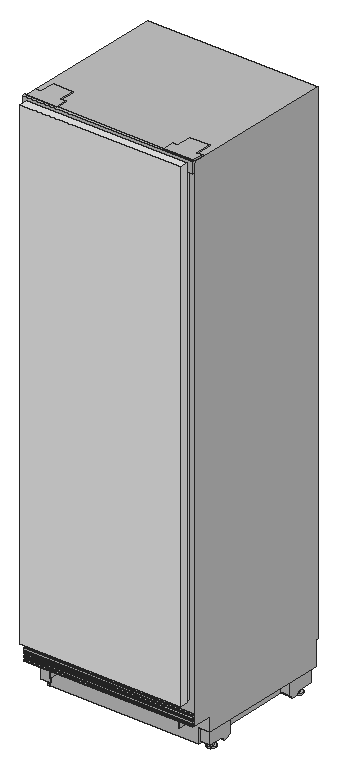
Revit family "FP-Revit18-en-RS6019S3RH1-Fridge-0-AA-BI-HK-SG-CN-EU-90002456A", category Specialty Equipment, Revit 2018
Family settings
  Round Connector Dimension = Use Diameter
  Part Type = Normal
  OmniClass Number = 23.40.40.11.11
  OmniClass Title = Refrigerators and Freezers
  Work Plane-Based = No
  Always vertical = Yes
  Cut with Voids When Loaded = Yes
  Shared = No
  Room Calculation Point = No
Parameters (values of type "RS6019S3RH1")
  Visibility - Toe Kick Panel [instance] = no
  Visibility - Clearance Required [instance] = yes
  URL = "www.fisherpaykel.com"
  Panel - Width [instance] = 592 mm
  Panel - Thickness [instance] = 19 mm
  Panel - FFL to Bottom of Bottom Panel (15mm - 150mm) [instance] = 102 mm
  Toe Kick - Recess [instance] = 63 mm
  Stainless Steel Door Panels (RD6019R) [instance] = no
  Product - Width = 592 mm  # constant formula
  Product - Height [instance] = ([Cavity - Height (1870mm - 1890mm)])  # 1880 mm
  Product - Depth (exl front panel) = 579 mm  # constant formula
  Model = "RS6019S3RH1"
  Material - Door Structure = Fisher & Paykel - White
  Material - Door Front [instance] = Fisher & Paykel - Stainless Steel
  Material - Body = Fisher & Paykel - Grey
  Manufacturer = "Fisher & Paykel Appliances"
  Handle Style - Professional Round Flush (AHP3RDS19) [instance] = no
  Handle Style - Contemporary Square Fine Black (AHD5RDS19B) [instance] = no
  Handle Style - Contemporary Square Fine (AHD5RDS19) [instance] = no
  Handle Style - Contemporary Round (AHSRDS19) [instance] = no
  Handle Style - Classic Round (AHCLRDSF) [instance] = no
  Description = "60cm Integrated Refrigerator"
  Connector Description - Water = "min 275 kPa (40 psi) max 827 kPa (120 psi)"
  Connector Description - Electrical = "230 V, 50 Hz, 10 A circuit"
  Cavity - Width = 600 mm  # constant formula
  Cavity - Height (1870mm - 1890mm) [instance] = 1880 mm
  Panel - FFL to Top of Top Panel (1867mm min) [instance] = 1877 mm
  Cavity - Depth (600mm min with services external) = 600 mm
Types (3, lengths in mm): name | Model
  (no name) | "RS6019S3RH1"
  RS6019S2R1 | "RS6019S2R1"
  RS6019S3RH1 | "RS6019S3RH1"
Reference planes
  plane 1 "Datum": y = 0
  plane 2: z = 0
  plane 3 "Center (Left/Right)": x = 0
  plane 4 "Product LHS": x = -296
  plane 5 "Product RHS": x = 296
  plane 6 "Product - Depth": y = 579
  plane 7: x = -300
  plane 8: x = 300
  plane 9 "Cavity - Depth": y = 581
  plane 10 "Product Height": z = 1880
  plane 11 "Cavity Height": z = 1880
  plane 12 "Panel Thickness": y = -19
  plane 13 "Base": z = 14.497
Forms (mm)
  Extrusion 1, solid, material "Fisher & Paykel - Grey" <- "Material - Body"
    sketch origin (0, 0, 0) x (0, 1, 0) y (0, 0, 1)
      loop
        line (108, 62.997) -> (571.5, 62.997) -> (571.5, 149.997) -> (579, 149.997) -> (579, 1875.998) -> (42.5, 1875.998) -> (42.5, 110.697) -> (108, 110.697) -> (108, 62.997)
    from -296 to 296
  Extrusion 2, solid, material "Fisher & Paykel - Grey" <- "Material - Body"
    sketch origin (0, 0, 0) x (1, 0, 0) y (0, 0, 1)
      loop
        circle (87.23, 31.993) r 5
      loop
        circle (-241.922, 42) r 6
    from -579 to -571.5
  Extrusion 3, solid, material "Fisher & Paykel - Stainless Steel" <- "Material - Door Front", visible <- "Stainless Steel Door Panels (RD6019R)"
    sketch origin (0, 0, 21.503) x (0, 1, 0) y (0, 0, 1)
      loop
        line (-19, 1855.497) -> (-19, 80.497) -> (0, 80.497) -> (0, 1855.497) -> (-19, 1855.497)
    from -296 to 296
  Extrusion 4, solid, material "Fisher & Paykel - Clearance Required", visible <- "Visibility - Clearance Required", detail levels coarse
    sketch origin (0, 0, 0) x (1, 0, 0) y (0, 1, 0)
      loop
        line (-300, 581) -> (-300, 0) -> (300, 0) -> (300, 581) -> (-300, 581)
    from 0 to 1880
  Extrusion 5, solid, material "Fisher & Paykel - White" <- "Material - Door Structure"
    sketch origin (0, 0, 0) x (1, 0, 0) y (0, 1, 0)
      loop
        line (-280, 28.4) -> (-280, 0) -> (280, 0) -> (280, 28.4) -> (-280, 28.4)
    from 183.947 to 1872.747
  Extrusion 6, solid, material "Fisher & Paykel - White" <- "Material - Door Structure"
    sketch origin (0, 0, 0) x (1, 0, 0) y (0, 1, 0)
      loop
        line (-274.25, 42.5) -> (-274.25, 28.4) -> (274.25, 28.4) -> (274.25, 42.5) -> (-274.25, 42.5)
    from 185.35 to 1838.148
  Extrusion 7, solid, material "Fisher & Paykel - Clearance Required", visible <- "Visibility - Clearance Required", detail levels coarse
    sketch origin (0, -8.858, 0) x (1, 0, 0) y (0, 1, 0)
      loop
        arc (-296, -10.142) -> (-23.116, -502.405) -> (539.267, -525.083) r 574.255
        line (539.267, -525.083) -> (299.146, -10.142) -> (-296, -10.142)
    from 0 to 1880
  Extrusion 8, solid, material "Fisher & Paykel - Grey" <- "Material - Body", detail levels fine
    sketch origin (0, 0, 0) x (0, 1, 0) y (0, 0, 1)
      loop
        line (35.5, 149.997) -> (35.5, 145.997) -> (42.5, 145.997) -> (42.5, 149.997) -> (35.5, 149.997)
      loop
        line (35.5, 138.233) -> (35.5, 134.233) -> (42.5, 134.233) -> (42.5, 138.233) -> (35.5, 138.233)
      loop
        line (35.5, 114.697) -> (35.5, 110.697) -> (42.5, 110.697) -> (42.5, 114.697) -> (35.5, 114.697)
      loop
        line (35.5, 126.467) -> (35.5, 122.467) -> (42.5, 122.467) -> (42.5, 126.467) -> (35.5, 126.467)
      loop
        line (33.5, 1880) -> (33.5, 1842.094) -> (42.5, 1842.094) -> (42.5, 1880) -> (33.5, 1880)
    from -296 to 296
  Extrusion 9, solid, material "Fisher & Paykel - Grey" <- "Material - Body"
    sketch origin (0, 0, 0) x (0, 1, 0) y (0, 0, 1)
      loop
        line (108, 62.997) -> (108, 14.497) -> (571.5, 14.497) -> (571.5, 62.997) -> (108, 62.997)
    from -259 to 259
  Extrusion 10, solid, material "Fisher & Paykel - Grey" <- "Material - Body"
    sketch origin (0, 0, 0) x (0, 1, 0) y (0, 0, 1)
      loop
        line (199.5, 62.997) -> (109.5, 62.997) -> (109.5, 21.997) -> (161.836, 21.997)
        arc (161.836, 21.997) -> (180.668, 9.967) -> (199.5, 21.997) r 20.754
        line (199.5, 21.997) -> (199.5, 62.997)
      loop
        line (460.586, 62.997) -> (460.586, 21.997)
        arc (460.586, 21.997) -> (479.418, 9.967) -> (498.25, 21.997) r 20.754
        line (498.25, 21.997) -> (550.586, 21.997) -> (550.586, 62.997) -> (460.586, 62.997)
    from 259 to 294
  Extrusion 11, solid, material "Fisher & Paykel - Grey" <- "Material - Body", detail levels fine
    sketch origin (0, 0, 0) x (1, 0, 0) y (0, 1, 0)
      loop
        line (-273, 136.5) -> (-273, 82.6) -> (-291, 82.6) -> (-291, 42.5) -> (-187, 42.5) -> (-187, 82.6) -> (-205, 82.6) -> (-205, 136.5) -> (-273, 136.5)
      loop
        line (273, 136.5) -> (205, 136.5) -> (205, 82.6) -> (187, 82.6) -> (187, 42.5) -> (291, 42.5) -> (291, 82.6) -> (273, 82.6) -> (273, 136.5)
    from 1875.998 to 1880
  Extrusion 12, solid, material "Fisher & Paykel - Stainless Steel" <- "Material - Door Front", visible <- "Visibility - Toe Kick Panel"
    sketch origin (0, 0, 0) x (0, 1, 0) y (0, 0, 1)
      loop
        line (44, 110) -> (44, 0) -> (63, 0) -> (63, 110) -> (44, 110)
    from -296 to 296
  Extrusion 13, solid, material "Fisher & Paykel - Grey" <- "Material - Body", detail levels fine
    sketch origin (0, 0, 0) x (1, 0, 0) y (0, 1, 0)
      loop
        circle (276.5, 140.6) r 15
      loop
        circle (276.5, 519.6) r 15
      loop
        circle (-276.5, 140.6) r 15
      loop
        circle (-276.5, 519.6) r 15
    from 0 to 3
  Extrusion 14, solid, material "Fisher & Paykel - Grey" <- "Material - Body", detail levels fine
    sketch origin (0, 0, 0) x (1, 0, 0) y (0, 1, 0)
      loop
        circle (276.5, 140.6) r 5
      loop
        circle (276.5, 519.6) r 5
      loop
        circle (-276.5, 140.6) r 5
      loop
        circle (-276.5, 519.6) r 5
    from 3 to 21.997
  Extrusion 15, solid, material "Fisher & Paykel - Grey" <- "Material - Body", detail levels fine
    sketch origin (0, 0, 0) x (0, 1, 0) y (0, 0, 1)
      loop
        line (63.1, 70.7) -> (108, 70.7) -> (108, 110.697) -> (63.1, 110.697) -> (63.1, 70.7)
    from 224 to 226
  Extrusion 16, solid, material "Fisher & Paykel - Grey" <- "Material - Body", detail levels fine
    sketch origin (0, 0, 0) x (0, 1, 0) y (0, 0, -1)
      loop
        line (63.1, -70.7) -> (63.1, -110.697) -> (108, -110.697) -> (108, -70.7) -> (63.1, -70.7)
    from 224 to 226
  Extrusion 17, solid, material "Fisher & Paykel - Grey" <- "Material - Body"
    sketch origin (0, 0, 0) x (0, 1, 0) y (0, 0, -1)
      loop
        line (199.5, -62.997) -> (199.5, -21.997)
        arc (199.5, -21.997) -> (180.668, -9.967) -> (161.836, -21.997) r 20.754
        line (161.836, -21.997) -> (109.5, -21.997) -> (109.5, -62.997) -> (199.5, -62.997)
      loop
        line (460.586, -62.997) -> (550.586, -62.997) -> (550.586, -21.997) -> (498.25, -21.997)
        arc (498.25, -21.997) -> (479.418, -9.967) -> (460.586, -21.997) r 20.754
        line (460.586, -21.997) -> (460.586, -62.997)
    from 259 to 294
  Extrusion 18, void
    sketch origin (0, 0, 0) x (1, 0, 0) y (0, 1, 0)
      loop
        line (-300, 581) -> (-300, -19) -> (300, -19) -> (300, 581) -> (-300, 581)
    from 0 to 1880
Cuts and joins
  joined: Extrusion 1, Extrusion 9, Extrusion 10
Text (mm)
  text "Due to ongoing product development, product details are subject to change without notice. \nPlease always refer to www.fisherpaykel.com for the most current product information. \n© Fisher & Paykel 2020" at (41.04, -678.295, 0), in view "Ref. Level (Plan)"
Dimensions and locks
  equal spacing: plane 4 "Product LHS", plane 3 "Center (Left/Right)", plane 5 "Product RHS"
  "Product - Width": plane 4 "Product LHS" to plane 5 "Product RHS"
  "Product - Depth (exl front panel)": plane 1 "Datum" to plane 6 "Product - Depth"
  equal spacing: plane 7, plane 3 "Center (Left/Right)", plane 8
  "Cavity - Width": plane 7 to plane 8
  Extrusion 2 sketch curve to plane 5 "Product RHS" = 208.77 mm
  plane 4 "Product LHS" to Extrusion 2 sketch curve = 54.078 mm
  "Cavity - Height (1870mm - 1890mm)": plane 11 "Cavity Height" to level
  locked: cut or joined group of Extrusion 1, Extrusion 9, Extrusion 10 to plane 10 "Product Height" at 4.002
  "Panel - Thickness": Extrusion 12 to Extrusion 12
  "Toe Kick - Recess": plane 1 "Datum" to Extrusion 12
  "Panel - Thickness": plane 12 "Panel Thickness" to plane 1 "Datum"
  plane 13 "Base" to level = 14.497 mm
  locked: plane 10 "Product Height" to plane 13 "Base" at 1865.503
  locked: plane 10 "Product Height" to plane 11 "Cavity Height" at 0
  locked: cut or joined group of Extrusion 1, Extrusion 9, Extrusion 10 to plane 13 "Base" at 96.2
  locked: cut or joined group of Extrusion 1, Extrusion 9, Extrusion 10 to plane 13 "Base" at 7.5
  locked: Extrusion 5 to plane 13 "Base" at 169.45
  locked: Extrusion 6 to plane 13 "Base" at 1823.65
  locked: Extrusion 5 to plane 13 "Base" at 1858.25
  locked: Extrusion 12 to cut or joined group of Extrusion 1, Extrusion 9, Extrusion 10 at 0.697
  locked: Extrusion 15 to plane 13 "Base" at 56.203
  locked: plane 13 "Base" to Extrusion 6 at 170.853
  locked: Extrusion 8 to plane 13 "Base" at 1827.596
  "Panel - FFL to Top of Top Panel (1867mm min)": Extrusion 3 to level
  "Panel - FFL to Bottom of Bottom Panel (15mm - 150mm)": Extrusion 3 to level
  equal spacing: Extrusion 3, plane 3 "Center (Left/Right)", Extrusion 3
  "Panel - Width": Extrusion 3 to Extrusion 3
  locked: nested 1 to plane 13 "Base" at 1400.997
  "Cavity - Depth (600mm min with services external)": plane 12 "Panel Thickness" to plane 9 "Cavity - Depth"
  locked: nested 2 to plane 13 "Base" at 549
  locked: nested 1 to plane 13 "Base" at 548.997
  locked: nested 3 to plane 13 "Base" at 574.5
  nested 2 to plane 5 "Product RHS" = 530 mm
  plane 1 "Datum" to Extrusion 5 = 28.4 mm
  locked: nested 4 to plane 13 "Base" at 548.997
  locked: nested 5 to plane 13 "Base" at 564
  radius of Extrusion 2 sketch curve = 5 mm
  aligned and locked: level to plane 2
  aligned and locked: Extrusion 1 to plane 5 "Product RHS"
  aligned and locked: plane 4 "Product LHS" to Extrusion 1
  aligned and locked: Extrusion 11 to cut or joined group of Extrusion 1, Extrusion 9, Extrusion 10
  aligned and locked: Extrusion 2 to cut or joined group of Extrusion 1, Extrusion 9, Extrusion 10
  aligned and locked: Extrusion 4 to plane 11 "Cavity Height"
  aligned and locked: Extrusion 8 to plane 10 "Product Height"
  aligned and locked: Extrusion 11 to plane 10 "Product Height"
  aligned and locked: Extrusion 3 to Extrusion 7
  aligned and locked: Extrusion 9 to plane 13 "Base"
  aligned and locked: cut or joined group of Extrusion 1, Extrusion 9, Extrusion 10 to cut or joined group of Extrusion 1, Extrusion 9, Extrusion 10  (x4)
  aligned and locked: Extrusion 15 to cut or joined group of Extrusion 1, Extrusion 9, Extrusion 10
  aligned and locked: Extrusion 8 to cut or joined group of Extrusion 1, Extrusion 9, Extrusion 10
  aligned and locked: Extrusion 16 to Extrusion 8
  aligned and locked: Extrusion 16 to Extrusion 15
  aligned and locked: Extrusion 10 to Extrusion 1
  aligned and locked: Extrusion 14 to cut or joined group of Extrusion 1, Extrusion 9, Extrusion 10
  aligned and locked: Extrusion 7 to plane 11 "Cavity Height"
  aligned and locked: plane 12 "Panel Thickness" to nested 2
  aligned and locked: plane 12 "Panel Thickness" to nested 3
  aligned and locked: Extrusion 18 to plane 8
  aligned and locked: Extrusion 18 to plane 7
  aligned and locked: Extrusion 18 to level
  aligned and locked: Extrusion 18 to plane 11 "Cavity Height"
  aligned and locked: Extrusion 18 to plane 9 "Cavity - Depth"
  aligned and locked: plane 12 "Panel Thickness" to Extrusion 18
  aligned and locked: plane 12 "Panel Thickness" to nested 4
  aligned and locked: plane 12 "Panel Thickness" to nested 5
Automatic sketch dimensions
  Extrusion 1 sketch curve to plane 6 "Product - Depth" = 0 mm
  Extrusion 1 sketch curve to plane 6 "Product - Depth" = 7.5 mm
  plane 13 "Base" to Extrusion 1 sketch curve = 48.5 mm
  Extrusion 1 sketch curve to plane 1 "Datum" = 108 mm
  plane 10 "Product Height" to Extrusion 1 sketch curve = 4.002 mm
  Extrusion 1 sketch curve to plane 1 "Datum" = 42.5 mm
  Extrusion 1 sketch curve to Extrusion 1 sketch curve = 47.7 mm
  Extrusion 1 sketch curve to Extrusion 1 sketch curve = 87 mm
  plane 13 "Base" to Extrusion 2 sketch curve = 17.495 mm
  plane 13 "Base" to Extrusion 2 sketch curve = 27.503 mm
  Extrusion 3 sketch curve to plane 12 "Panel Thickness" = 0 mm
  Extrusion 3 sketch curve to plane 1 "Datum" = 0 mm
  plane 13 "Base" to Extrusion 3 sketch curve = 87.503 mm
  plane 10 "Product Height" to Extrusion 3 sketch curve = 3 mm
  plane 1 "Datum" to Extrusion 4 sketch curve = 0 mm
  Extrusion 4 sketch curve to plane 7 = 0 mm
  Extrusion 4 sketch curve to plane 8 = 0 mm
  Extrusion 4 sketch curve to plane 9 "Cavity - Depth" = 0 mm
  plane 1 "Datum" to Extrusion 5 sketch curve = 0 mm
  Extrusion 5 sketch curve to plane 4 "Product LHS" = 16 mm
  plane 5 "Product RHS" to Extrusion 5 sketch curve = 16 mm
  Extrusion 5 sketch curve to plane 1 "Datum" = 28.4 mm
  Extrusion 6 sketch curve to plane 4 "Product LHS" = 21.75 mm
  plane 5 "Product RHS" to Extrusion 6 sketch curve = 21.75 mm
  Extrusion 6 sketch curve to plane 1 "Datum" = 28.4 mm
  Extrusion 6 sketch curve to Extrusion 6 sketch curve = 14.1 mm
  Extrusion 7 sketch curve to plane 4 "Product LHS" = 0 mm
  plane 12 "Panel Thickness" to Extrusion 7 sketch curve = 0 mm
  plane 12 "Panel Thickness" to Extrusion 7 sketch curve = 3.437 mm
  plane 5 "Product RHS" to Extrusion 7 sketch curve = 17.755 mm
  plane 8 to Extrusion 7 sketch curve = 0.854 mm
  Extrusion 7 sketch curve to plane 8 = 239.267 mm
  plane 10 "Product Height" to Extrusion 8 sketch curve = 0 mm
  Extrusion 8 sketch curve to plane 1 "Datum" = 33.5 mm
  Extrusion 8 sketch curve to plane 1 "Datum" = 35.5 mm
  Extrusion 8 sketch curve to Extrusion 8 sketch curve = 0 mm  (x3)
  Extrusion 8 sketch curve to Extrusion 8 sketch curve = 7 mm  (x4)
  Extrusion 8 sketch curve to Extrusion 8 sketch curve = 9 mm
  Extrusion 8 sketch curve to Extrusion 8 sketch curve = 37.906 mm
  plane 13 "Base" to Extrusion 8 sketch curve = 135.5 mm
  Extrusion 8 sketch curve to Extrusion 8 sketch curve = 4 mm  (x4)
  Extrusion 8 sketch curve to Extrusion 8 sketch curve = 7.764 mm
  Extrusion 8 sketch curve to Extrusion 8 sketch curve = 7.767 mm
  Extrusion 8 sketch curve to Extrusion 8 sketch curve = 7.769 mm
  Extrusion 9 sketch curve to plane 13 "Base" = 0 mm
  Extrusion 9 sketch curve to plane 1 "Datum" = 108 mm
  Extrusion 9 sketch curve to plane 6 "Product - Depth" = 7.5 mm
  Extrusion 9 sketch curve to Extrusion 9 sketch curve = 48.5 mm
  plane 13 "Base" to Extrusion 10 sketch curve = 48.5 mm
  Extrusion 10 sketch curve to plane 1 "Datum" = 109.5 mm
  plane 13 "Base" to Extrusion 10 sketch curve = 7.5 mm  (x2)
  Extrusion 10 sketch curve to Extrusion 10 sketch curve = 52.336 mm
  Extrusion 10 sketch curve to Extrusion 10 sketch curve = 18.832 mm  (x4)
  Extrusion 10 sketch curve to plane 6 "Product - Depth" = 118.414 mm
  Extrusion 10 sketch curve to plane 6 "Product - Depth" = 28.414 mm
  plane 13 "Base" to Extrusion 10 sketch curve = 16.224 mm  (x2)
  Extrusion 10 sketch curve to Extrusion 10 sketch curve = 41 mm
  Extrusion 11 sketch curve to plane 4 "Product LHS" = 5 mm
  Extrusion 11 sketch curve to Extrusion 11 sketch curve = 18 mm  (x3)
  Extrusion 11 sketch curve to Extrusion 11 sketch curve = 68 mm
  plane 5 "Product RHS" to Extrusion 11 sketch curve = 109 mm
  plane 5 "Product RHS" to Extrusion 11 sketch curve = 23 mm
  plane 5 "Product RHS" to Extrusion 11 sketch curve = 5 mm
  Extrusion 11 sketch curve to plane 1 "Datum" = 42.5 mm  (x2)
  Extrusion 11 sketch curve to Extrusion 11 sketch curve = 40.1 mm  (x4)
  Extrusion 11 sketch curve to Extrusion 11 sketch curve = 53.9 mm  (x2)
  Extrusion 12 sketch curve to level = 0 mm
  Extrusion 12 sketch curve to plane 1 "Datum" = 44 mm
  Extrusion 12 sketch curve to Extrusion 12 sketch curve = 19 mm
  plane 13 "Base" to Extrusion 12 sketch curve = 95.503 mm
  Extrusion 13 sketch curve to plane 4 "Product LHS" = 19.5 mm  (x2)
  plane 5 "Product RHS" to Extrusion 13 sketch curve = 19.5 mm  (x2)
  Extrusion 13 sketch curve to plane 1 "Datum" = 140.6 mm  (x2)
  Extrusion 13 sketch curve to plane 6 "Product - Depth" = 59.4 mm  (x2)
  Extrusion 14 sketch curve to plane 4 "Product LHS" = 19.5 mm  (x2)
  plane 5 "Product RHS" to Extrusion 14 sketch curve = 19.5 mm  (x2)
  Extrusion 14 sketch curve to plane 1 "Datum" = 140.6 mm  (x2)
  Extrusion 14 sketch curve to plane 6 "Product - Depth" = 59.4 mm  (x2)
  Extrusion 15 sketch curve to plane 1 "Datum" = 63.1 mm
  Extrusion 15 sketch curve to Extrusion 15 sketch curve = 44.9 mm
  plane 13 "Base" to Extrusion 15 sketch curve = 56.203 mm
  Extrusion 15 sketch curve to Extrusion 15 sketch curve = 39.997 mm
  Extrusion 16 sketch curve to plane 1 "Datum" = 63.1 mm
  Extrusion 16 sketch curve to Extrusion 16 sketch curve = 44.9 mm
  plane 13 "Base" to Extrusion 16 sketch curve = 96.2 mm
  Extrusion 16 sketch curve to Extrusion 16 sketch curve = 39.997 mm
  plane 13 "Base" to Extrusion 17 sketch curve = 48.5 mm
  Extrusion 17 sketch curve to plane 1 "Datum" = 109.5 mm
  plane 13 "Base" to Extrusion 17 sketch curve = 7.5 mm  (x2)
  Extrusion 17 sketch curve to Extrusion 17 sketch curve = 52.336 mm
  Extrusion 17 sketch curve to Extrusion 17 sketch curve = 18.832 mm  (x4)
  Extrusion 17 sketch curve to plane 6 "Product - Depth" = 118.414 mm
  Extrusion 17 sketch curve to plane 6 "Product - Depth" = 28.414 mm
  Extrusion 17 sketch curve to Extrusion 17 sketch curve = 41 mm
  plane 13 "Base" to Extrusion 17 sketch curve = 16.224 mm  (x2)
  plane 1 "Datum" to Extrusion 18 sketch curve = 19 mm
  Extrusion 18 sketch curve to plane 7 = 0 mm
  Extrusion 18 sketch curve to plane 8 = 0 mm
  plane 9 "Cavity - Depth" to Extrusion 18 sketch curve = 0 mm
  radius of Extrusion 2 sketch curve = 6 mm
  radius of Extrusion 13 sketch curve = 15 mm  (x4)
  radius of Extrusion 14 sketch curve = 5 mm  (x4)
Nested families
  nested 1: "F&P Handle Kit - Contemporary Square Fine - Vertical" at (-234, -19, 989.495), visible <- "Handle Style - Contemporary Square Fine (AHD5RDS19)", type "AHD5RDS19 - Contemporary square fine handle 852mm"
  nested 2: "F&P Handle Kit - Contemporary Square Fine - Vertical" at (-234, -19, 989.497), visible <- "Handle Style - Contemporary Square Fine Black (AHD5RDS19B)", type "AHD5RDS19B - Contemporary square fine black handle 852mm"
  nested 3: "F&P Handle Kit - Professional Round Flush - Vertical" at (-234, -19, 989.497), visible <- "Handle Style - Professional Round Flush (AHP3RDS19)", type "AHP3RDS19 - Professional round flush handle 801mm"
  nested 4: "F&P Handle Kit - Contemporary Round - Vertical" at (-234, -19, 989.495), visible <- "Handle Style - Contemporary Round (AHSRDS19)", type "26237 AHSRDS19 - Contemporary round handle (vertical) 852mm"
  nested 5: "F&P Handle Kit - Classic Round - Vertical" at (-234, -19, 989.497), visible <- "Handle Style - Classic Round (AHCLRDSF)", type "26592 AHCLRDSF AA - Classic round handle (Vertical) 822mm"
Connectors
  electrical at (87.23, 579, 31.993), driven by "Connector Description - Electrical"
    settings: on Extrusion 2, index 1, voltage 230 V, apparent load 0 VA, apparent load phase1 0 VA, apparent load phase2 0 VA, apparent load phase3 0 VA, power factor 1, load classification "Other", number of poles 1, system type 30, power factor state 1, is connector primary yes, connector utility no, sub classification motor no, connector description "230 V, 50 Hz, 10 A circuit"
  piping at (-241.922, 579, 42), diameter 11, driven by "Connector Description - Water"
    settings: on Extrusion 2, index 2, connector inside diameter 609.6 mm, connector length 0 mm, flow factor 0, pipe flow 0.0 L/s, pressure drop 0.0 Pa, fitting loss kfactor 0, connector angle 0.00°, fixture units 0, engagement length 0 mm, angle of deflection 0.00°, flow configuration 0, flow direction 1, fitting loss method 0, system type 20, joint type 0, gender type 0, connector reference index -1, connector utility 0, adjustable connector no, is connector primary yes, connector description "min 275 kPa (40 psi) max 827 kPa (120 psi)"
Definition of nested family "F&P Handle Kit - Contemporary Square Fine - Vertical"
  Parameters (values of type "AHD5RDS19 - Contemporary square fine handle 852mm")
    URL = "www.fisherpaykel.com"
    Material - Handle = none
    Manufacturer = "Fisher & Paykel Appliances"
    Handle - Length = 852 mm
  Types (22, lengths in mm): name | Handle - Length
    AHD5RD2484W - Contemporary square fine handle (1 of 2) (Vertical) 727mm | 727
    AHD5RD2484WB - Contemporary square fine black handle (1 of 2) (Vertical) 727mm | 727
    AHD5RD3084W - Contemporary square fine handle (1 of 2) (Vertical) 727mm | 727
    AHD5RD3084WB - Contemporary square fine black handle (1 of 2) (Vertical) 727mm | 727
    AHD5RD6121W - Contemporary square fine handle (1 of 2) (Vertical) 727mm | 727
    AHD5RD6121WB - Contemporary square fine black handle (1 of 2) (Vertical) 727mm | 727
    AHD5RD7621W - Contemporary square fine handle (1 of 2) (Vertical) 727mm | 727
    AHD5RD7621WB - Contemporary square fine black handle (1 of 2) (Vertical) 727mm | 727
    AHD5RD36A - Contemporary square fine handle (1 of 2) (Vertical) 727mm | 727
    AHD5RD36AB - Contemporary square fine black handle (1 of 2) (Vertical) 727mm | 727
    AHD5RD80A - Contemporary square fine handle (1 of 2) (Vertical) 727mm | 727
    AHD5RD90A - Contemporary square fine handle (1 of 2) (Vertical) 727mm | 727
    AHD5RD80AB - Contemporary square fine black handle (1 of 2) (Vertical) 727mm | 727
    AHD5RD90AB - Contemporary square fine black handle (1 of 2) (Vertical) 727mm | 727
    AHD5RD36W - Contemporary square fine handle (1 of 2) (Vertical) 727mm | 727
    AHD5RD36WB - Contemporary square fine handle (1 of 2) (Vertical) 727mm | 727
    AHD5RD9120WB - Contemporary square fine handle (1 of 2) (Vertical) 727mm | 727
    AHD5RD9120W - Contemporary square fine handle (1 of 2) (Vertical) 727mm | 727
    AHD5RDS19B - Contemporary square fine black handle 852mm | 852
    AHD5RDS19 - Contemporary square fine handle 852mm | 852
    AHD5RDS74B - Contemporary square fine black handle 852mm | 852
    AHD5RDS74 - Contemporary square fine handle 852mm | 852
  Reference planes
    plane 1 "Center (Front/Back)": y = 0
    plane 2: z = 0
    plane 3 "Center (Left/Right)": x = 0
    plane 4 "Top": z = 426
    plane 5 "Bottom": z = -426
    plane 6 "Top Standoff": z = 306
    plane 7 "Bottom Standoff": z = -306
  Forms (mm)
    Extrusion 1, solid, material <- "Material - Handle", detail levels fine
      sketch origin (0, 0, 0) x (1, 0, 0) y (0, 1, 0)
        loop
          arc (-6.16, -26.813) -> (-6.554, -27.196) -> (-6.686, -27.728) r 1
          line (-6.686, -27.728) -> (-6.256, -40.035)
          arc (-6.256, -40.035) -> (-5.951, -40.719) -> (-5.257, -41) r 1
          line (-5.257, -41) -> (5.257, -41)
          arc (5.257, -41) -> (5.951, -40.719) -> (6.256, -40.035) r 1
          line (6.256, -40.035) -> (6.686, -27.709)
          arc (6.686, -27.709) -> (6.554, -27.175) -> (6.158, -26.792) r 1
          arc (6.158, -26.792) -> (-0.004, -25.256) -> (-6.16, -26.813) r 13.038
      from -426 to 426
    Extrusion 2, solid, material <- "Material - Handle", detail levels fine
      sketch origin (0, 0, 0) x (1, 0, 0) y (0, 1, 0)
        loop
          arc (6.012, -26.626) -> (6.494, -26.614) -> (6.741, -26.2) r 0.5
          line (6.741, -26.2) -> (7.7, 0) -> (-7.7, 0) -> (-6.742, -26.174)
          arc (-6.742, -26.174) -> (-6.496, -26.587) -> (-6.015, -26.6) r 0.5
          arc (-6.015, -26.6) -> (0.002, -25.156) -> (6.012, -26.626) r 13.136
      from 306 to 426
    Extrusion 3, solid, material <- "Material - Handle", detail levels coarse+medium
      sketch origin (0, 0, 0) x (0, 1, 0) y (0, 0, 1)
        loop
          line (0, 426) -> (-42, 426) -> (-42, -426) -> (0, -426) -> (0, -306) -> (-26.245, -306) -> (-26.245, 306) -> (0, 306) -> (0, 426)
      from -8 to 8
    Extrusion 4, solid, material <- "Material - Handle", detail levels fine
      sketch origin (0, 0, 0) x (1, 0, 0) y (0, 1, 0)
        loop
          arc (6.012, -26.626) -> (6.494, -26.614) -> (6.741, -26.2) r 0.5
          line (6.741, -26.2) -> (7.7, 0) -> (-7.7, 0) -> (-6.742, -26.174)
          arc (-6.742, -26.174) -> (-6.496, -26.587) -> (-6.015, -26.6) r 0.5
          arc (-6.015, -26.6) -> (0.002, -25.156) -> (6.012, -26.626) r 13.136
      from -426 to -306
  Dimensions and locks
    equal spacing: plane 4 "Top", level, plane 5 "Bottom"
    "Handle - Length": plane 4 "Top" to plane 5 "Bottom"
    locked: plane 4 "Top" to plane 6 "Top Standoff" at 120
    locked: plane 7 "Bottom Standoff" to plane 5 "Bottom" at 120
    aligned and locked: level to plane 2
    aligned and locked: plane 4 "Top" to Extrusion 2
    aligned and locked: Extrusion 2 to plane 6 "Top Standoff"
    aligned and locked: plane 4 "Top" to Extrusion 1
    aligned and locked: Extrusion 1 to plane 5 "Bottom"
    aligned and locked: plane 4 "Top" to Extrusion 3 sketch curve
    aligned and locked: plane 6 "Top Standoff" to Extrusion 3 sketch curve
    aligned and locked: plane 7 "Bottom Standoff" to Extrusion 3 sketch curve
    aligned and locked: plane 5 "Bottom" to Extrusion 3 sketch curve
    aligned and locked: Extrusion 4 to plane 5 "Bottom"
    aligned and locked: plane 7 "Bottom Standoff" to Extrusion 4
  Automatic sketch dimensions
    Extrusion 1 sketch curve to plane 3 "Center (Left/Right)" = 6.686 mm
    Extrusion 1 sketch curve to plane 3 "Center (Left/Right)" = 6.256 mm
    Extrusion 1 sketch curve to Extrusion 1 sketch curve = 0.999 mm  (x4)
    plane 3 "Center (Left/Right)" to Extrusion 1 sketch curve = 0.018 mm
    plane 3 "Center (Left/Right)" to Extrusion 1 sketch curve = 5.257 mm
    plane 3 "Center (Left/Right)" to Extrusion 1 sketch curve = 5.687 mm
    plane 1 "Center (Front/Back)" to Extrusion 1 sketch curve = 41 mm
    Extrusion 1 sketch curve to Extrusion 1 sketch curve = 0.965 mm  (x2)
    Extrusion 1 sketch curve to Extrusion 1 sketch curve = 1.706 mm
    Extrusion 1 sketch curve to Extrusion 1 sketch curve = 12.307 mm
    Extrusion 1 sketch curve to Extrusion 1 sketch curve = 12.326 mm
    Extrusion 1 sketch curve to Extrusion 1 sketch curve = 0.035 mm  (x2)
    Extrusion 1 sketch curve to Extrusion 1 sketch curve = 0 mm
    plane 1 "Center (Front/Back)" to Extrusion 2 sketch curve = 0 mm
    Extrusion 2 sketch curve to plane 3 "Center (Left/Right)" = 7.7 mm
    Extrusion 2 sketch curve to plane 3 "Center (Left/Right)" = 6.742 mm
    Extrusion 2 sketch curve to Extrusion 2 sketch curve = 0.5 mm  (x2)
    Extrusion 2 sketch curve to plane 3 "Center (Left/Right)" = 0.026 mm
    plane 3 "Center (Left/Right)" to Extrusion 2 sketch curve = 6.242 mm
    plane 3 "Center (Left/Right)" to Extrusion 2 sketch curve = 7.7 mm
    plane 1 "Center (Front/Back)" to Extrusion 2 sketch curve = 26.155 mm
    Extrusion 2 sketch curve to Extrusion 2 sketch curve = 0.018 mm  (x2)
    Extrusion 2 sketch curve to Extrusion 2 sketch curve = 0.026 mm
    Extrusion 2 sketch curve to Extrusion 2 sketch curve = 12.11 mm
    Extrusion 2 sketch curve to Extrusion 2 sketch curve = 0 mm
    plane 1 "Center (Front/Back)" to Extrusion 3 sketch curve = 42 mm
    Extrusion 3 sketch curve to Extrusion 3 sketch curve = 15.755 mm
    Extrusion 3 sketch curve to Extrusion 3 sketch curve = 42 mm  (x2)
    Extrusion 4 sketch curve to plane 3 "Center (Left/Right)" = 7.7 mm
    Extrusion 4 sketch curve to plane 3 "Center (Left/Right)" = 6.742 mm
    Extrusion 4 sketch curve to Extrusion 4 sketch curve = 0.5 mm  (x2)
    Extrusion 4 sketch curve to plane 3 "Center (Left/Right)" = 0.026 mm
    plane 3 "Center (Left/Right)" to Extrusion 4 sketch curve = 6.242 mm
    plane 3 "Center (Left/Right)" to Extrusion 4 sketch curve = 7.7 mm
    plane 1 "Center (Front/Back)" to Extrusion 4 sketch curve = 38.291 mm
    Extrusion 4 sketch curve to Extrusion 4 sketch curve = 12.091 mm
    Extrusion 4 sketch curve to Extrusion 4 sketch curve = 0.018 mm  (x2)
    Extrusion 4 sketch curve to Extrusion 4 sketch curve = 0.452 mm
    Extrusion 4 sketch curve to Extrusion 4 sketch curve = 26.174 mm
    Extrusion 4 sketch curve to Extrusion 4 sketch curve = 0 mm
Definition of nested family "F&P Handle Kit - Professional Round Flush - Vertical"
  Parameters (values of type "AHP3RDS19 - Professional round flush handle 801mm")
    URL = "www.fisherpaykel.com"
    Material - Handle = none
    Manufacturer = "Fisher & Paykel Appliances"
    Handle - Length = 801 mm
  Types (8, lengths in mm): name | Handle - Length
    (no name) | 801
    AHP3RD2484W - Professional round flush handle (1 of 2) (Vertical) | 677
    AHP3RD3084W - Professional round flush handle (1 of 2) (Vertical) | 677
    AHP3-RD84 - Professional round flush handle 677mm | 677
    AHP3RD36W - Professional round flush handle (1 of 2) (Vertical) | 727
    AHP3RD36A - Professional round flush handle (1 of 2) (Vertical) | 727
    AHP3RDS19 - Professional round flush handle 801mm | 801
    AHP3RDS74 - Professional round flush handle 801mm | 801
  Reference planes
    plane 1 "Center (Front/Back)": y = 0
    plane 2: z = 0
    plane 3 "Center (Left/Right)": x = 0
    plane 4 "Top": z = 400.5
    plane 5 "Bottom": z = -400.5
    plane 6 "Top Standoff": z = 340.5
    plane 7 "Bottom Standoff": z = -340.5
  Forms (mm)
    Extrusion 1, solid, material <- "Material - Handle", detail levels fine
      sketch origin (0, 0, 0) x (1, 0, 0) y (0, 1, 0)
        loop
          arc (-12.817, -46.665) -> (0, -58.016) -> (12.817, -46.665) r 12.912
          line (12.817, -46.665) -> (18.5, 0) -> (-18.5, 0) -> (-12.817, -46.665)
      from 340.5 to 400.5
    Extrusion 2, solid, material <- "Material - Handle", detail levels fine
      sketch origin (0, 0, 0) x (1, 0, 0) y (0, 1, 0)
        loop
          arc (-12.817, -46.665) -> (0, -58.016) -> (12.817, -46.665) r 12.912
          line (12.817, -46.665) -> (18.5, 0) -> (-18.5, 0) -> (-12.817, -46.665)
      from -400.5 to -340.5
    Extrusion 3, solid, material <- "Material - Handle"
      sketch origin (0, 0, 0) x (1, 0, 0) y (0, 1, 0)
        loop
          circle (0, -45.116) r 12.7
      from -340.5 to 340.5
    Sweep 4, void
      path in 3D
        loop
          line (18.5, 0, 400.5) -> (12.817, -46.665, 400.5)
          arc (12.817, -46.665, 400.5) -> (0, -58.016, 400.5) -> (-12.817, -46.665, 400.5) r 12.912
          line (-12.817, -46.665, 400.5) -> (-18.5, 0, 400.5)
      profile origin (0, -58.016, 400.5) x (0, -1, 0) y (0, 0, 1)
        loop
          line (0, 0) -> (-1.5, 0) -> (0, -1.5) -> (0, 0)
    Sweep 5, void
      path in 3D
        loop
          line (-18.5, 0, -400.5) -> (-12.817, -46.665, -400.5)
          arc (-12.817, -46.665, -400.5) -> (0, -58.016, -400.5) -> (12.817, -46.665, -400.5) r 12.912
          line (12.817, -46.665, -400.5) -> (18.5, 0, -400.5)
      profile origin (0, -58.016, -400.5) x (0, -1, 0) y (0, 0, -1)
        loop
          line (0, 0) -> (-1.5, 0) -> (0, -1.5) -> (0, 0)
    Extrusion 6, solid, material <- "Material - Handle", detail levels coarse+medium
      sketch origin (0, 0, 0) x (1, 0, 0) y (0, 1, 0)
        loop
          arc (-12.817, -46.665) -> (0, -58.016) -> (12.817, -46.665) r 12.912
          line (12.817, -46.665) -> (18.5, 0) -> (-18.5, 0) -> (-12.817, -46.665)
      from 340.5 to 400.5
    Extrusion 7, solid, material <- "Material - Handle", detail levels coarse+medium
      sketch origin (0, 0, 0) x (1, 0, 0) y (0, 1, 0)
        loop
          arc (-12.817, -46.665) -> (0, -58.016) -> (12.817, -46.665) r 12.912
          line (12.817, -46.665) -> (18.5, 0) -> (-18.5, 0) -> (-12.817, -46.665)
      from -400.5 to -340.5
  Cuts and joins
    Sweep 4 cuts Extrusion 1
    Sweep 5 cuts Extrusion 2
  Lines and regions (mm)
    sketch lines
      curve 1: arc (12.817, -46.665, 400.5) -> (0, -58.016, 400.5) -> (-12.817, -46.665, 400.5) r 12.912
      curve 2: line (12.817, -46.665, 400.5) -> (18.5, 0, 400.5)
      curve 3: line (-18.5, 0, 400.5) -> (-12.817, -46.665, 400.5)
      curve 4: arc (-12.817, -46.665, -400.5) -> (0, -58.016, -400.5) -> (12.817, -46.665, -400.5) r 12.912
      curve 5: line (18.5, 0, -400.5) -> (12.817, -46.665, -400.5)
      curve 6: line (-12.817, -46.665, -400.5) -> (-18.5, 0, -400.5)
  Dimensions and locks
    equal spacing: plane 4 "Top", level, plane 5 "Bottom"
    "Handle - Length": plane 4 "Top" to plane 5 "Bottom"
    plane 4 "Top" to plane 6 "Top Standoff" = 60 mm
    plane 7 "Bottom Standoff" to plane 5 "Bottom" = 60 mm
    aligned and locked: level to plane 2
    aligned and locked: plane 4 "Top" to Extrusion 1
    aligned and locked: Extrusion 1 to plane 6 "Top Standoff"
    aligned and locked: Extrusion 2 to plane 5 "Bottom"
    aligned and locked: plane 1 "Center (Front/Back)" to Extrusion 2 sketch curve
    aligned and locked: plane 6 "Top Standoff" to Extrusion 3
    aligned and locked: Extrusion 3 to plane 7 "Bottom Standoff"
    aligned and locked: Extrusion 6 to cut or joined group of Extrusion 1, Sweep 4
    aligned and locked: Extrusion 7 to cut or joined group of Extrusion 2, Sweep 5
    aligned and locked: plane 7 "Bottom Standoff" to Extrusion 7
    aligned and locked: plane 7 "Bottom Standoff" to cut or joined group of Extrusion 2, Sweep 5
    aligned and locked: Extrusion 6 to plane 6 "Top Standoff"
    aligned and locked: cut or joined group of Extrusion 1, Sweep 4 to plane 6 "Top Standoff"
  Automatic sketch dimensions
    plane 1 "Center (Front/Back)" to Extrusion 1 sketch curve = 0 mm
    Extrusion 1 sketch curve to plane 3 "Center (Left/Right)" = 0 mm
    Extrusion 1 sketch curve to plane 3 "Center (Left/Right)" = 12.817 mm
    Extrusion 1 sketch curve to plane 3 "Center (Left/Right)" = 18.5 mm
    plane 3 "Center (Left/Right)" to Extrusion 1 sketch curve = 12.817 mm
    plane 3 "Center (Left/Right)" to Extrusion 1 sketch curve = 18.5 mm
    plane 1 "Center (Front/Back)" to Extrusion 1 sketch curve = 45.104 mm
    Extrusion 1 sketch curve to Extrusion 1 sketch curve = 1.561 mm
    Extrusion 2 sketch curve to plane 3 "Center (Left/Right)" = 0 mm
    Extrusion 2 sketch curve to plane 3 "Center (Left/Right)" = 12.817 mm
    Extrusion 2 sketch curve to plane 3 "Center (Left/Right)" = 18.5 mm
    plane 3 "Center (Left/Right)" to Extrusion 2 sketch curve = 12.817 mm
    plane 3 "Center (Left/Right)" to Extrusion 2 sketch curve = 18.5 mm
    plane 1 "Center (Front/Back)" to Extrusion 2 sketch curve = 45.104 mm
    Extrusion 2 sketch curve to Extrusion 2 sketch curve = 1.561 mm
    Extrusion 3 sketch curve to plane 3 "Center (Left/Right)" = 0 mm
    plane 1 "Center (Front/Back)" to Extrusion 3 sketch curve = 45.116 mm
    Sweep 4 sketch curve to profile plane = 0 mm  (x2)
    profile plane to Sweep 4 sketch curve = 1.5 mm
    Sweep 4 sketch curve to profile plane = 1.5 mm
    profile plane to Sweep 5 sketch curve = 0 mm
    Sweep 5 sketch curve to profile plane = 0 mm
    profile plane to Sweep 5 sketch curve = 1.5 mm
    Sweep 5 sketch curve to profile plane = 1.5 mm
    Extrusion 6 sketch curve to plane 3 "Center (Left/Right)" = 0 mm
    Extrusion 6 sketch curve to plane 3 "Center (Left/Right)" = 12.817 mm
    Extrusion 6 sketch curve to plane 3 "Center (Left/Right)" = 18.5 mm
    plane 3 "Center (Left/Right)" to Extrusion 6 sketch curve = 12.817 mm
    plane 3 "Center (Left/Right)" to Extrusion 6 sketch curve = 18.5 mm
    plane 1 "Center (Front/Back)" to Extrusion 6 sketch curve = 46.665 mm
    Extrusion 6 sketch curve to Extrusion 6 sketch curve = 1.561 mm
    Extrusion 6 sketch curve to Extrusion 6 sketch curve = 46.665 mm
    Extrusion 7 sketch curve to plane 3 "Center (Left/Right)" = 0 mm
    Extrusion 7 sketch curve to plane 3 "Center (Left/Right)" = 12.817 mm
    Extrusion 7 sketch curve to plane 3 "Center (Left/Right)" = 18.5 mm
    plane 3 "Center (Left/Right)" to Extrusion 7 sketch curve = 12.817 mm
    plane 3 "Center (Left/Right)" to Extrusion 7 sketch curve = 18.5 mm
    plane 1 "Center (Front/Back)" to Extrusion 7 sketch curve = 46.665 mm
    Extrusion 7 sketch curve to Extrusion 7 sketch curve = 1.561 mm
    Extrusion 7 sketch curve to Extrusion 7 sketch curve = 46.665 mm
    radius of Extrusion 3 sketch curve = 12.7 mm
Definition of nested family "F&P Handle Kit - Contemporary Round - Vertical"
  Parameters (values of type "26237 AHSRDS19 - Contemporary round handle (vertical) 852mm")
    URL = "www.fisherpaykel.com"
    Material - Handle = none
    Manufacturer = "Fisher & Paykel Appliances"
    Keynote = ""
    Handle Standoff - Length = 100 mm
    Handle - Length = 852 mm
    Description = ""
  Types (19, lengths in mm): name | Keynote | Handle - Length
    25324 AHS-RD21 - Contemporary round handle (Vertical) 852mm | "" | 852
    25731 AHSRD2484W - Contemporary round handle (1 of 2) (Vertical) 727mm | "" | 727
    25723 AHSRD3084W - Contemporary round handle (1 of 2) (Vertical) 727mm | "" | 727
    24981 AHS-RD84 - Contemporary round handle (Vertical) 852mm | "" | 852
    25628 AHSRS3272A - Contemporary round handle (1 of 2) (Vertical) 727mm | "" | 727
    25627 AHSRS80A - Contemporary round handle (1 of 2) (Vertical) 727mm | "" | 727
    25727 AHSRD6121W - Contemporary round handle (1 of 2) (Vertical) 727mm | "" | 727
    25719 AHSRD7621W - Contemporary round handle (1 of 2) (Vertical) 727mm | "" | 727
    25329 AHS-ASBI-A - Contemporary round handle (1 of 2) (Vertical) 727mm | "" | 727
    25374 AHS-ASBI-A - Contemporary round handle (1 of 2) (Vertical) 727mm | "" | 727
    25380 AHS-ASBI-B - Contemporary round handle (1 of 2) (Vertical) 727mm | "" | 727
    25339 AHS-ASBI-B - Contemporary round handle (1 of 2) (Vertical) 727mm | "" | 727
    25376 AHS-RF-522A - Contemporary round handle (1 of 2) (Vertical) 642mm | "US Market" | 642
    25334 AHS-RF-522A - Contemporary round handle (1 of 2) (Vertical) 642mm | "AA Market" | 642
    25379 AHS-RF-522W - Contemporary round handle (1 of 2) (Vertical) 642mm | "US Market" | 642
    25335 AHS-RF-610 - Contemporary round handle (1 of 2) (Vertical) 642mm | "AA Market" | 642
    25377 AHS-RF-610 - Contemporary round handle (1 of 2) (Vertical) 642mm | "US Market" | 642
    26237 AHSRDS19 - Contemporary round handle (vertical) 852mm | "" | 852
    26238 AHSRDS74 - Contemporary round handle (vertical) 852mm | "" | 852
  Reference planes
    plane 1 "Center (Front/Back)": y = 0
    plane 2: z = 0
    plane 3 "Center (Left/Right)": x = 0
    plane 4 "Top": z = 426
    plane 5 "Bottom": z = -426
    plane 6 "Top Standoff": z = 326
    plane 7 "Bottom Standoff": z = -326
  Forms (mm)
    Extrusion 1, solid, material <- "Material - Handle"
      sketch origin (0, 0, 0) x (1, 0, 0) y (0, 1, 0)
        loop
          circle (0, -32.3) r 8.7
      from -326 to 326
    Extrusion 2, solid, material <- "Material - Handle", detail levels fine
      sketch origin (0, 0, 0) x (1, 0, 0) y (0, 1, 0)
        loop
          line (-8.7, 0) -> (-8.7, -32.3)
          arc (-8.7, -32.3) -> (0, -41) -> (8.7, -32.3) r 8.7
          line (8.7, -32.3) -> (8.7, 0) -> (-8.7, 0)
      from 326 to 426
    Extrusion 3, solid, material <- "Material - Handle", detail levels fine
      sketch origin (0, 0, 0) x (1, 0, 0) y (0, 1, 0)
        loop
          line (-8.7, 0) -> (-8.7, -32.3)
          arc (-8.7, -32.3) -> (0, -41) -> (8.7, -32.3) r 8.7
          line (8.7, -32.3) -> (8.7, 0) -> (-8.7, 0)
      from -426 to -326
    Sweep 4, void
      path in 3D
        loop
          line (8.7, 0, -426) -> (8.7, -32.3, -426)
          arc (8.7, -32.3, -426) -> (0, -41, -426) -> (-8.7, -32.3, -426) r 8.7
          line (-8.7, -32.3, -426) -> (-8.7, 0, -426)
      profile origin (8.7, -16.15, -426) x (-1, 0, 0) y (0, 0, -1)
        loop
          line (0, 0) -> (0, -1) -> (1, 0) -> (0, 0)
    Sweep 5, void
      path in 3D
        loop
          line (-8.7, 0, 426) -> (-8.7, -32.3, 426)
          arc (-8.7, -32.3, 426) -> (0, -41, 426) -> (8.7, -32.3, 426) r 8.7
          line (8.7, -32.3, 426) -> (8.7, 0, 426)
      profile origin (8.7, -16.15, 426) x (-1, 0, 0) y (0, 0, 1)
        loop
          line (0, 0) -> (0, -1) -> (1, 0) -> (0, 0)
    Extrusion 6, solid, material <- "Material - Handle", detail levels coarse+medium
      sketch origin (0, 0, 0) x (1, 0, 0) y (0, 1, 0)
        loop
          line (-8.7, 0) -> (-8.7, -32.3)
          arc (-8.7, -32.3) -> (0, -41) -> (8.7, -32.3) r 8.7
          line (8.7, -32.3) -> (8.7, 0) -> (-8.7, 0)
      from 326 to 426
    Extrusion 7, solid, material <- "Material - Handle", detail levels coarse+medium
      sketch origin (0, 0, 0) x (1, 0, 0) y (0, 1, 0)
        loop
          line (-8.7, 0) -> (-8.7, -32.3)
          arc (-8.7, -32.3) -> (0, -41) -> (8.7, -32.3) r 8.7
          line (8.7, -32.3) -> (8.7, 0) -> (-8.7, 0)
      from -426 to -326
  Cuts and joins
    Sweep 4 cuts Extrusion 3
    Sweep 5 cuts Extrusion 2
  Lines and regions (mm)
    sketch lines
      curve 1: line (8.7, 0, -426) -> (8.7, -32.3, -426)
      curve 2: arc (-8.7, -32.3, -426) -> (0, -41, -426) -> (8.7, -32.3, -426) r 8.7
      curve 3: line (-8.7, -32.3, -426) -> (-8.7, 0, -426)
      curve 4: line (8.7, -32.3, 426) -> (8.7, 0, 426)
      curve 5: arc (8.7, -32.3, 426) -> (0, -41, 426) -> (-8.7, -32.3, 426) r 8.7
      curve 6: line (-8.7, 0, 426) -> (-8.7, -32.3, 426)
  Dimensions and locks
    equal spacing: plane 4 "Top", level, plane 5 "Bottom"
    "Handle - Length": plane 4 "Top" to plane 5 "Bottom"
    "Handle Standoff - Length": plane 4 "Top" to plane 6 "Top Standoff"
    "Handle Standoff - Length": plane 7 "Bottom Standoff" to plane 5 "Bottom"
    Extrusion 2 sketch curve to Extrusion 2 sketch curve = 17.4 mm
    Extrusion 3 sketch curve to Extrusion 3 sketch curve = 17.4 mm
    Extrusion 6 sketch curve to Extrusion 6 sketch curve = 17.4 mm
    Extrusion 7 sketch curve to Extrusion 7 sketch curve = 17.4 mm
    aligned and locked: level to plane 2
    aligned and locked: plane 4 "Top" to Extrusion 2
    aligned and locked: Extrusion 3 to plane 5 "Bottom"
    aligned and locked: plane 7 "Bottom Standoff" to Extrusion 3
    aligned and locked: Extrusion 1 to plane 7 "Bottom Standoff"
    aligned and locked: plane 6 "Top Standoff" to Extrusion 1
    aligned and locked: Extrusion 2 to Extrusion 1
    aligned and locked: Extrusion 6 to Extrusion 1
    aligned and locked: plane 4 "Top" to Extrusion 6
    aligned and locked: Extrusion 7 to Extrusion 1
    aligned and locked: Extrusion 7 to plane 5 "Bottom"
  Automatic sketch dimensions
    Extrusion 1 sketch curve to plane 3 "Center (Left/Right)" = 0 mm
    plane 1 "Center (Front/Back)" to Extrusion 1 sketch curve = 32.3 mm
    plane 1 "Center (Front/Back)" to Extrusion 2 sketch curve = 0 mm
    Extrusion 2 sketch curve to plane 3 "Center (Left/Right)" = 0 mm
    Extrusion 2 sketch curve to plane 3 "Center (Left/Right)" = 8.7 mm
    plane 1 "Center (Front/Back)" to Extrusion 2 sketch curve = 32.3 mm
    plane 1 "Center (Front/Back)" to Extrusion 3 sketch curve = 0 mm
    Extrusion 3 sketch curve to plane 3 "Center (Left/Right)" = 0 mm
    Extrusion 3 sketch curve to plane 3 "Center (Left/Right)" = 8.7 mm
    plane 1 "Center (Front/Back)" to Extrusion 3 sketch curve = 32.3 mm
    Sweep 4 sketch curve to profile plane = 0 mm  (x2)
    Sweep 4 sketch curve to profile plane = 1 mm  (x2)
    Sweep 5 sketch curve to profile plane = 0 mm  (x2)
    Sweep 5 sketch curve to profile plane = 1 mm  (x2)
    Extrusion 6 sketch curve to plane 3 "Center (Left/Right)" = 0 mm
    Extrusion 6 sketch curve to plane 3 "Center (Left/Right)" = 8.7 mm
    plane 1 "Center (Front/Back)" to Extrusion 6 sketch curve = 32.3 mm
    Extrusion 6 sketch curve to Extrusion 6 sketch curve = 32.3 mm
    Extrusion 7 sketch curve to plane 3 "Center (Left/Right)" = 0 mm
    Extrusion 7 sketch curve to plane 3 "Center (Left/Right)" = 8.7 mm
    plane 1 "Center (Front/Back)" to Extrusion 7 sketch curve = 32.3 mm
    Extrusion 7 sketch curve to Extrusion 7 sketch curve = 32.3 mm
    radius of Extrusion 1 sketch curve = 8.7 mm
Definition of nested family "F&P Handle Kit - Classic Round - Vertical"
  Parameters (values of type "26591 AHCLRDSF US - Classic round handle (Vertical) 822mm")
    URL = "www.fisherpaykel.com"
    Material - Handle = none
    Manufacturer = "Fisher & Paykel Appliances"
    Keynote = ""
    Handle Standoff - Length = 80 mm
    Handle - Length = 822 mm
    Description = ""
  Types (2): name
    26592 AHCLRDSF AA - Classic round handle (Vertical) 822mm
    26591 AHCLRDSF US - Classic round handle (Vertical) 822mm
  Reference planes
    plane 1 "Center (Front/Back)": y = 0
    plane 2: z = 0
    plane 3 "Center (Left/Right)": x = 0
    plane 4 "Top": z = 411
    plane 5 "Bottom": z = -411
    plane 6 "Top Standoff": z = 331
    plane 7 "Bottom Standoff": z = -331
  Forms (mm)
    Extrusion 1, solid, material <- "Material - Handle"
      sketch origin (0, 0, 0) x (1, 0, 0) y (0, 1, 0)
        loop
          circle (0, -44.923) r 10
      from -331 to 331
    Extrusion 2, solid, material <- "Material - Handle", detail levels fine
      sketch origin (0, 0, 0) x (1, 0, 0) y (0, 1, 0)
        loop
          line (-10.498, 0) -> (-10.498, -44.923)
          arc (-10.498, -44.923) -> (0, -55.422) -> (10.498, -44.923) r 10.498
          line (10.498, -44.923) -> (10.498, 0) -> (-10.498, 0)
      from 331 to 411
    Extrusion 3, solid, material <- "Material - Handle", detail levels fine
      sketch origin (0, 0, 0) x (1, 0, 0) y (0, 1, 0)
        loop
          arc (-10.498, -44.923) -> (0, -55.422) -> (10.498, -44.923) r 10.498
          line (10.498, -44.923) -> (10.498, 0) -> (-10.498, 0) -> (-10.498, -44.923)
      from -411 to -331
    Sweep 4, void
      path in 3D
        loop
          line (-10.498, 0, 411) -> (-10.498, -44.923, 411)
          arc (-10.498, -44.923, 411) -> (0, -55.422, 411) -> (10.498, -44.923, 411) r 10.498
          line (10.498, -44.923, 411) -> (10.498, 0, 411)
      profile origin (10.498, -22.462, 411) x (-1, 0, 0) y (0, 0, 1)
        loop
          line (0, 0) -> (0, -1.5) -> (1.5, 0) -> (0, 0)
    Sweep 5, void
      path in 3D
        loop
          line (10.498, 0, -411) -> (10.498, -44.923, -411)
          arc (10.498, -44.923, -411) -> (0, -55.422, -411) -> (-10.498, -44.923, -411) r 10.498
          line (-10.498, -44.923, -411) -> (-10.498, 0, -411)
      profile origin (10.498, -22.462, -411) x (-1, 0, 0) y (0, 0, -1)
        loop
          line (0, 0) -> (0, -1.5) -> (1.5, 0) -> (0, 0)
    Extrusion 6, solid, material <- "Material - Handle", detail levels coarse+medium
      sketch origin (0, 0, 0) x (1, 0, 0) y (0, 1, 0)
        loop
          line (-10.498, 0) -> (-10.498, -44.923)
          arc (-10.498, -44.923) -> (0, -55.422) -> (10.498, -44.923) r 10.498
          line (10.498, -44.923) -> (10.498, 0) -> (-10.498, 0)
      from 331 to 411
    Extrusion 7, solid, material <- "Material - Handle", detail levels coarse+medium
      sketch origin (0, 0, 0) x (1, 0, 0) y (0, 1, 0)
        loop
          arc (-10.498, -44.923) -> (0, -55.422) -> (10.498, -44.923) r 10.498
          line (10.498, -44.923) -> (10.498, 0) -> (-10.498, 0) -> (-10.498, -44.923)
      from -411 to -331
  Cuts and joins
    Sweep 4 cuts Extrusion 2
    Sweep 5 cuts Extrusion 3
  Lines and regions (mm)
    sketch lines
      curve 1: line (10.498, -44.923, 411) -> (10.498, 0, 411)
      curve 2: arc (10.498, -44.923, 411) -> (0, -55.422, 411) -> (-10.498, -44.923, 411) r 10.498
      curve 3: line (-10.498, 0, 411) -> (-10.498, -44.923, 411)
      curve 4: line (10.498, 0, -411) -> (10.498, -44.923, -411)
      curve 5: arc (-10.498, -44.923, -411) -> (0, -55.422, -411) -> (10.498, -44.923, -411) r 10.498
      curve 6: line (-10.498, -44.923, -411) -> (-10.498, 0, -411)
  Dimensions and locks
    equal spacing: plane 4 "Top", level, plane 5 "Bottom"
    "Handle - Length": plane 4 "Top" to plane 5 "Bottom"
    "Handle Standoff - Length": plane 4 "Top" to plane 6 "Top Standoff"
    "Handle Standoff - Length": plane 7 "Bottom Standoff" to plane 5 "Bottom"
    aligned and locked: level to plane 2
    aligned and locked: plane 4 "Top" to Extrusion 2
    aligned and locked: Extrusion 3 to plane 5 "Bottom"
    aligned and locked: plane 7 "Bottom Standoff" to Extrusion 3
    aligned and locked: Extrusion 1 to plane 7 "Bottom Standoff"
    aligned and locked: plane 6 "Top Standoff" to Extrusion 1
    aligned and locked: Extrusion 2 to Extrusion 1
    aligned and locked: plane 4 "Top" to Extrusion 6
    aligned and locked: Extrusion 6 to plane 6 "Top Standoff"
    aligned and locked: Extrusion 7 to plane 5 "Bottom"
    aligned and locked: plane 7 "Bottom Standoff" to Extrusion 7
  Automatic sketch dimensions
    Extrusion 1 sketch curve to plane 3 "Center (Left/Right)" = 0 mm
    plane 1 "Center (Front/Back)" to Extrusion 1 sketch curve = 44.923 mm
    plane 1 "Center (Front/Back)" to Extrusion 2 sketch curve = 0 mm
    Extrusion 2 sketch curve to plane 3 "Center (Left/Right)" = 0 mm
    Extrusion 2 sketch curve to plane 3 "Center (Left/Right)" = 10.498 mm
    plane 1 "Center (Front/Back)" to Extrusion 2 sketch curve = 44.923 mm
    plane 1 "Center (Front/Back)" to Extrusion 3 sketch curve = 0 mm
    Extrusion 3 sketch curve to plane 3 "Center (Left/Right)" = 0 mm
    Extrusion 3 sketch curve to plane 3 "Center (Left/Right)" = 10.498 mm
    Extrusion 3 sketch curve to Extrusion 3 sketch curve = 44.923 mm
    Sweep 4 sketch curve to profile plane = 0 mm  (x2)
    Sweep 4 sketch curve to profile plane = 1.5 mm  (x2)
    Sweep 5 sketch curve to profile plane = 0 mm  (x2)
    Sweep 5 sketch curve to profile plane = 1.5 mm  (x2)
    plane 1 "Center (Front/Back)" to Extrusion 6 sketch curve = 0 mm
    Extrusion 6 sketch curve to plane 3 "Center (Left/Right)" = 0 mm
    Extrusion 6 sketch curve to plane 3 "Center (Left/Right)" = 10.498 mm
    plane 1 "Center (Front/Back)" to Extrusion 6 sketch curve = 44.923 mm
    plane 1 "Center (Front/Back)" to Extrusion 7 sketch curve = 0 mm
    Extrusion 7 sketch curve to plane 3 "Center (Left/Right)" = 0 mm
    Extrusion 7 sketch curve to plane 3 "Center (Left/Right)" = 10.498 mm
    Extrusion 7 sketch curve to Extrusion 7 sketch curve = 44.923 mm
    radius of Extrusion 1 sketch curve = 10 mm
